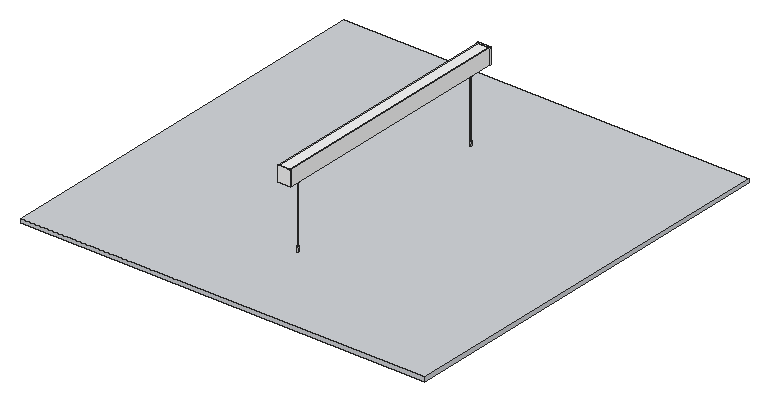
Revit family "Zumtobel SLOTLIGHT INF II MSP", category Lighting Fixtures, host Face, Revit 2018
Family settings
  Host = Face
  Round Connector Dimension = Use Diameter
  Part Type = Normal
  OmniClass Number = 23.80.70.11
  OmniClass Title = Luminaries for Internal Lighting
  Cut with Voids When Loaded = No
  Light Source = Yes
  Shared = No
  Room Calculation Point = No
Parameters (values of type "SLN2 MSP 3500-840 L1500 MC LDE WHM")
  Width = 76 mm  # constant formula
  Wattage = 35.7475 W
  built-in parameter 1150110 = 1 (stored number, unit not read)
  Voltage = 230 V
  URL = "http://www.zumtobel.com/42945700"
  Type Comments = "© Zumtobel. We reserve the right to make technical changes without prior notice."  # constant formula
  built-in parameter 1114217 = 1 (stored number, unit not read)
  Tilt Angle = -90.00°
  built-in parameter 1150109 = 1 (stored number, unit not read)
  built-in parameter 1150134 = 12
  Suspension Value [instance] = if(Suspension Height = 0 mm, 203 mm, if(Suspension Height < 0 mm, 203 mm, Suspension Height))  # 500 mm
  Suspension Height [instance] = 500 mm
  built-in parameter 1150113 = 1 (stored number, unit not read)
  SLN2-B = not(Minicell)  # no
  Photometric Web File = "42945700_(STD_LEO).IES"
  Opaque Cover [instance] = no
  Model = "42945700+42946255"
  Minicell = yes
  Manufacturer = "Zumtobel Lighting"  # constant formula
  built-in parameter 1150105 = 422.56 (stored number, unit not read)
  Lumens = 5310 lm
  built-in parameter 1150115 = 1 (stored number, unit not read)
  built-in parameter 1150137 = (empty or 0)
  built-in parameter 1150139 = (empty or 0)
  Length = 1500 mm
  built-in parameter 1150112 = 1 (stored number, unit not read)
  built-in parameter 1150114 = 1 (stored number, unit not read)
  Lamp = "LED"
  built-in parameter 1150132 = 2
  built-in parameter 1150102 = (empty or 0)
  built-in parameter 1150107 = 4000 (stored number, unit not read)
  built-in parameter 1150138 = (empty or 0)
  built-in parameter 1150106 = 4.2256 (stored number, unit not read)
  Height = 92 mm  # constant formula
  End Cover 2 [instance] = yes
  End Cover 1 [instance] = yes
  Emit from Rectangle Width = Length  # 1500 mm
  Emit from Rectangle Length = 71 mm  # constant formula
  Emit Shape Visible in Rendering = no
  built-in parameter 1150104 = 13.8 (stored number, unit not read)
  Dimming Lamp Color Temperature Shift = <None>
  Description = "SLOTLIGHT Infinity II MSP"  # constant formula
  Default Elevation = 0 mm
  Color Filter = 16777215
  Channel Type = Zumtobel SLOTLIGHT - Body : 42946255
  Body [instance] = Zumtobel_Metal_White
  built-in parameter 1114218 = 1 (stored number, unit not read)
  built-in parameter 1150133 = 10 (stored number, unit not read)
  Assembly Code = "D5020200"
  Apparent Load = 33.4 VA
Types (10, lengths in mm): name | Wattage | URL | SLN2-B | Photometric Web File | Model | Minicell | built-in parameter 1150105 | Lumens | Length | built-in parameter 1150106 | Emit from Rectangle Width | Channel Type | Apparent Load
  SLN2 MSP 3500-840 L1000 MC LDE WHM | 23.8316 W | "http://www.zumtobel.com/42945583" | no | "42945583_(STD_LEO).IES" | "42945583+42946247" | yes | 281.7 (stored number, unit not read) | 3540 lm | 1000 | 2.817 (stored number, unit not read) | 1000 | Zumtobel SLOTLIGHT - Body : 42946247 | 26.9 VA
  SLN2 MSP 3500-840 L1250 MC LDE WHM | 29.7559 W | "http://www.zumtobel.com/42945727" | no | "42945727_(STD_LEO).IES" | "42945727+42946251" | yes | 351.73 (stored number, unit not read) | 4420 lm | 1250 | 3.5173 (stored number, unit not read) | 1250 | Zumtobel SLOTLIGHT - Body : 42946251 | 33.4 VA
  SLN2 MSP 1600-840 L1250 PC/PCO/DD LDE | 13.8681 W | "http://www.zumtobel.com/42189219" | yes | "42189219_(840PC-4000K-diffuse_LEO).IES" | "42189219+42946251" | no | 163.93 (stored number, unit not read) | 2060 lm | 1250 | 1.6393 (stored number, unit not read) | 1250 | Zumtobel SLOTLIGHT - Body : 42946251 | 16.2 VA
  SLN2 MSP 1600-840 L1500 PC/PCO/DD LDE | 16.6283 W | "http://www.zumtobel.com/42189220" | yes | "42189220_(840PC-4000K-diffuse_LEO).IES" | "42189220+42946255" | no | 196.56 (stored number, unit not read) | 2470 lm | 1500 | 1.9656 (stored number, unit not read) | 1500 | Zumtobel SLOTLIGHT - Body : 42946255 | 19.2 VA
  SLN2 MSP 1600-840 L1750 PC/PCO/DD LDE | 19.3885 W | "http://www.zumtobel.com/42189221" | yes | "42189221_(840PC-4000K-diffuse_LEO).IES" | "42189221+42946259" | no | 229.18 (stored number, unit not read) | 2880 lm | 1750 | 2.2918 (stored number, unit not read) | 1750 | Zumtobel SLOTLIGHT - Body : 42946259 | 22.2 VA
  SLN2 MSP 1600-840 L2000 PC/PCO/DD LDE | 22.1486 W | "http://www.zumtobel.com/42189222" | yes | "42189222_(840PC-4000K-diffuse_LEO).IES" | "42189222+42946263" | no | 261.81 (stored number, unit not read) | 3290 lm | 2000 | 2.6181 (stored number, unit not read) | 2000 | Zumtobel SLOTLIGHT - Body : 42946263 | 25.2 VA
  SLN2 MSP 3500-840 L1500 MC LDE WHM | 35.7475 W | "http://www.zumtobel.com/42945700" | no | "42945700_(STD_LEO).IES" | "42945700+42946255" | yes | 422.56 (stored number, unit not read) | 5310 lm | 1500 | 4.2256 (stored number, unit not read) | 1500 | Zumtobel SLOTLIGHT - Body : 42946255 | 33.4 VA
  SLN2 MSP 3500-840 L1750 MC LDE WHM | 41.6717 W | "http://www.zumtobel.com/42945723" | no | "42945723_(STD_LEO).IES" | "42945723+42946259" | yes | 492.58 (stored number, unit not read) | 6190 lm | 1750 | 4.9258 (stored number, unit not read) | 1750 | Zumtobel SLOTLIGHT - Body : 42946259 | 47 VA
  SLN2 MSP 3500-840 L2000 MC LDE WHM | 47.6633 W | "http://www.zumtobel.com/42945746" | no | "42945746_(STD_LEO).IES" | "42945746+42946263" | yes | 563.41 (stored number, unit not read) | 7080 lm | 2000 | 5.6341 (stored number, unit not read) | 2000 | Zumtobel SLOTLIGHT - Body : 42946263 | 54.3 VA
  SLN2 MSP 1600-840 L1000 PC/PCO/DD LDE | 11.108 W | "http://www.zumtobel.com/42189218" | yes | "42189218_(840PC-4000K-diffuse_LEO).IES" | "42189218+42946247" | no | 131.3 (stored number, unit not read) | 1650 lm | 1000 | 1.313 (stored number, unit not read) | 1000 | Zumtobel SLOTLIGHT - Body : 42946247 | 13.5 VA
Reference planes
  plane 1 "Center (Front/Back)": y = 0
  plane 2 "Top": z = 0
  plane 3 "Center (Left/Right)": x = -0.5
  plane 4: y = 750
  plane 5: y = -750
  plane 6: z = 500
  plane 7: y = 650
Forms (mm)
  Extrusion 1, solid
    sketch origin (0, 0, 0) x (1, 0, 0) y (0, 1, 0)
      loop
        line (-1219.2, 1219.2) -> (-1219.2, -1219.2) -> (1219.2, -1219.2) -> (1219.2, 1219.2) -> (-1219.2, 1219.2)
    from 0 to -25
Dimensions and locks
  equal spacing: plane 4, plane 1 "Center (Front/Back)", plane 5
  "Length": plane 4 to plane 5
  "Suspension Value": plane 6 to plane 2 "Top"
  locked: plane 4 to plane 7 at 100
  locked: connector elem to plane 7
  aligned and locked: plane 2 "Top" to Extrusion 1
  aligned and locked: level to Extrusion 1
  aligned and locked: plane 3 "Center (Left/Right)" to nested 1
  aligned and locked: nested 1 to plane 1 "Center (Front/Back)"
  aligned: imposter light to nested 1
  aligned and locked: plane 3 "Center (Left/Right)" to imposter light
  aligned and locked: imposter light to plane 6
  aligned and locked: plane 2 "Top" to nested 1
Automatic sketch dimensions
  Extrusion 1 sketch curve to Extrusion 1 sketch curve = 2438.4 mm  (x2)
Nested families
  nested 1: "Zumtobel SLOTLIGHT - Body" at (199.5, 197.576, 120), Suspension Height <- "Suspension Height", Cover 1 <- "End Cover 1", Cover 2 <- "End Cover 2", Opaque Cover <- "Opaque Cover", Body <- "Body", type <- "Channel Type", type "42946255"
    with Suspension Value 500 mm, Suspension Length 407 mm, Suspension Height 500 mm, Suspension yes, Opaque Cover no, Frame no, Cover 2 yes, Cover 1 yes, Cover Zumtobel_Plastics_Cover_Opaque, Color Light Emitting Surface Zumtobel_PMMA_White, Body Zumtobel_Metal_White
Connectors
  electrical at (-0.5, 650, 0), driven by "Apparent Load", driven by "Voltage", driven by "Apparent Load"
    settings: index 1, voltage 230 V, apparent load 33.4 VA, apparent load phase1 33.4 VA, apparent load phase2 0 VA, apparent load phase3 0 VA, power factor 1, load classification "Lighting", number of poles 1, system type 30, power factor state 1, is connector primary yes, connector utility no, sub classification motor no, connector description "Power"
Definition of nested family "Zumtobel SLOTLIGHT - Body"
  Parameters (values of type "42946263")
    Width = 76 mm
    Wattage = 21.8671 W
    built-in parameter 1150110 = 1 (stored number, unit not read)
    Voltage = 0
    URL = ""
    built-in parameter 1114217 = 1 (stored number, unit not read)
    Tilt Angle = -90.00°
    built-in parameter 1150109 = 1 (stored number, unit not read)
    built-in parameter 1150134 = 12
    Suspension Value [instance] = if(Suspension Height < 200 mm, 200 mm, Suspension Height)  # 250 mm
    Suspension Length [instance] = Suspension Value - 93 mm  # 157 mm
    Suspension Height [instance] = 250 mm
    Suspension [instance] = yes
    built-in parameter 1150113 = 1 (stored number, unit not read)
    Photometric Web File = "42946259_(indirect30%DI_LEO).IES"
    Opaque Cover [instance] = yes
    Model = ""
    Minicell = no
    Manufacturer = "Zumtobel Lighting"
    MSC = yes
    built-in parameter 1150105 = 1139.9 (stored number, unit not read)
    Lumens = 3270 lm
    built-in parameter 1150115 = 1 (stored number, unit not read)
    built-in parameter 1150137 = (empty or 0)
    built-in parameter 1150139 = (empty or 0)
    Length = 1500 mm
    built-in parameter 1150112 = 1 (stored number, unit not read)
    built-in parameter 1150114 = 1 (stored number, unit not read)
    Lamp = ""
    built-in parameter 1150132 = 2
    built-in parameter 1150102 = (empty or 0)
    built-in parameter 1150107 = 4000 (stored number, unit not read)
    built-in parameter 1150138 = (empty or 0)
    built-in parameter 1150106 = 11.399 (stored number, unit not read)
    Frame [instance] = yes
    Emit from Rectangle Width = Length  # 1500 mm
    Emit from Rectangle Length = Width  # 76 mm
    Emit Shape Visible in Rendering = no
    built-in parameter 1150104 = 13.893 (stored number, unit not read)
    Dimming Lamp Color Temperature Shift = (empty or 0)
    Description = ""
    Cover 2 [instance] = yes
    Cover 1 [instance] = yes
    Cover [instance] = none
    Color Light Emitting Surface [instance] = none
    Color Filter = 16777215
    Body [instance] = none
    built-in parameter 1114218 = 1 (stored number, unit not read)
    built-in parameter 1150133 = 10 (stored number, unit not read)
    Assembly Code = "D5020200"
    Apparent Load = 0 VA
  Types (5, lengths in mm): name | Wattage | Photometric Web File | Minicell | MSC | built-in parameter 1150105 | Lumens | built-in parameter 1150106
    42946263 | 21.8671 W | "42946259_(indirect30%DI_LEO).IES" | no | yes | 1139.9 (stored number, unit not read) | 3270 lm | 11.399 (stored number, unit not read)
    42946259 | 18.9916 W | "42946259_(indirect30%DI_LEO).IES" | no | yes | 990.02 (stored number, unit not read) | 2840 lm | 9.9002 (stored number, unit not read)
    42946255 | 16.0492 W | "42946255_(indirect30%DI_LEO).IES" | no | yes | 836.64 (stored number, unit not read) | 2400 lm | 8.3664 (stored number, unit not read)
    42946251 | 13.1069 W | "42946251_(indirect30%DI_LEO).IES" | no | yes | 683.26 (stored number, unit not read) | 1960 lm | 6.8326 (stored number, unit not read)
    42946247 | 10.2314 W | "42946247_(indirect30%DI_LEO).IES" | yes | no | 533.36 (stored number, unit not read) | 1530 lm | 5.3336 (stored number, unit not read)
  Reference planes
    plane 1 "Bottom Body": z = 380
    plane 2 "Center (Left/Right)": x = -200
    plane 3 "Center (Front/Back)": y = -197.576
    plane 4 "Light Source Axis 1": y = -382.129
    plane 5 "Back": y = 552.424
    plane 6 "Front": y = -947.576
    plane 7: x = -162
    plane 8: x = -238
    plane 9 "Top": z = 130
    plane 10 "Bottom": z = -120
    plane 11 "Suspension 2": y = 452.424
    plane 12 "Suspension 1": y = -847.576
    plane 13: z = 357
    plane 14: z = 37
    plane 15: z = 37
    plane 16: z = 26
    plane 17: z = 3
    plane 18 "Cut": z = 127.5
    plane 19: y = -1142.576
    plane 20: y = -1202.576
    plane 21: y = -1152.576
    plane 22: y = -1192.576
    plane 23: y = -1127.576
    plane 24: y = -1087.576
    plane 25: y = -1077.576
    plane 26: y = -1137.576
    plane 27: y = -1062.576
    plane 28: y = -1022.576
    plane 29: y = -1012.576
    plane 30: y = -1072.576
    plane 31: y = -997.576
    plane 32: y = -957.576
    plane 33: y = -947.576
    plane 34: y = -1007.576
    plane 35: y = -932.576
    plane 36: y = -892.576
    plane 37: y = -882.576
    plane 38: y = -942.576
    plane 39: y = -867.576
    plane 40: y = -827.576
    plane 41: y = -817.576
    plane 42: y = -877.576
    plane 43: y = -802.576
    plane 44: y = -762.576
    plane 45: y = -752.576
    plane 46: y = -812.576
    plane 47: y = -737.576
    plane 48: y = -697.576
    plane 49: y = -687.576
    plane 50: y = -747.576
    plane 51: y = -672.576
    plane 52: y = -632.576
    plane 53: y = -622.576
    plane 54: y = -682.576
    plane 55: y = -607.576
    plane 56: y = -567.576
    plane 57: y = -557.576
    plane 58: y = -617.576
    plane 59: y = -542.576
    plane 60: y = -502.576
    plane 61: y = -492.576
    plane 62: y = -552.576
    plane 63: y = -477.576
    plane 64: y = -437.576
    plane 65: y = -427.576
    plane 66: y = -487.576
    plane 67: y = -412.576
    plane 68: y = -372.576
    plane 69: y = -362.576
    plane 70: y = -422.576
    plane 71: y = -347.576
    plane 72: y = -307.576
    plane 73: y = -297.576
    plane 74: y = -357.576
    plane 75: y = -282.576
    plane 76: y = -242.576
    plane 77: y = -232.576
    plane 78: y = -292.576
    plane 79: y = -217.576
    plane 80: y = -177.576
    plane 81: y = -167.576
    plane 82: y = -227.576
    plane 83: y = -152.576
    plane 84: y = -112.576
    plane 85: y = -102.576
    plane 86: y = -162.576
    plane 87: y = -87.576
    plane 88: y = -47.576
    plane 89: y = -37.576
    plane 90: y = -97.576
    plane 91: y = -22.576
    plane 92: y = 17.424
    plane 93: y = 27.424
    plane 94: y = -32.576
    plane 95: y = 42.424
    plane 96: y = 82.424
    plane 97: y = 92.424
    plane 98: y = 32.424
    plane 99: y = 107.424
    plane 100: y = 147.424
    plane 101: y = 157.424
    plane 102: y = 97.424
    plane 103: y = 172.424
    plane 104: y = 212.424
    plane 105: y = 222.424
    plane 106: y = 162.424
    plane 107: y = 237.424
    plane 108: y = 277.424
    plane 109: y = 287.424
    plane 110: y = 227.424
    plane 111: y = 302.424
    plane 112: y = 342.424
    plane 113: y = 352.424
    plane 114: y = 292.424
    plane 115: y = 367.424
    plane 116: y = 407.424
    plane 117: y = 417.424
    plane 118: y = 357.424
    plane 119: y = 432.424
    plane 120: y = 472.424
    plane 121: y = 482.424
    plane 122: y = 422.424
    plane 123: y = 497.424
    plane 124: y = 537.424
    plane 125: y = 547.424
    plane 126: y = 487.424
    plane 127: y = 562.424
    plane 128: y = 602.424
    plane 129: y = 612.424
    plane 130: y = 627.424
    plane 131: y = 667.424
    plane 132: y = 677.424
    plane 133: y = 692.424
    plane 134: y = 732.424
    plane 135: y = 742.424
    plane 136: y = 757.424
    plane 137: y = 797.424
    plane 138: y = 807.424
    plane 139 "2": y = 462.424
    plane 140 "3": y = 442.424
    plane 141 "4": y = -857.576
    plane 142 "5": y = -837.576
    plane 143: z = -95
    plane 144 "6": y = -950.576
    plane 145 "7": y = 555.424
  Forms (mm)
    Extrusion 1, solid, visible <- "Suspension", detail levels medium+fine
      sketch origin (0, 0, -120) x (1, 0, 0) y (0, 1, 0)
        loop
          circle (-200, 452.424) r 1.5
        loop
          circle (-200, -847.576) r 1.5
      from 25 to 123
    Extrusion 2, solid, visible <- "Suspension", detail levels medium+fine
      sketch origin (0, 0, -40) x (1, 0, 0) y (0, 1, 0)
        loop
          circle (-200, 452.424) r 5
        loop
          circle (-200, -847.576) r 5
      from 43 to 66
    Sweep 3, solid, material <- "Body", visible <- "MSC", detail levels medium+fine
      path origin (0, 0, 130) x (-1, 0, 0) y (0, -1, 0)
        loop
          line (200, 947.576) -> (200, -552.424)
      profile "Zumtobel SLOTLIGHT INF Profile : Zumtobel SLOTLIGHT INF Profile" origin (-200, -197.576, 130) x (-1, 0, 0) y (0, 0, 1)
        loop
          line (-38, -93) -> (-35.5, -93) -> (-35.5, -88) -> (35.5, -88) -> (35.5, -93) -> (38, -93) -> (38, 0) -> (35.5, 0) -> (35.5, -5) -> (33, -5) -> (33, -2.5) -> (-33, -2.5) -> (-33, -5) -> (-35.5, -5) -> (-35.5, 0) -> (-38, 0) -> (-38, -93)
    Sweep 4, solid, detail levels medium+fine
      path origin (0, 0, 130) x (-1, 0, 0) y (0, -1, 0)
        loop
          line (200, -442.424) -> (200, -462.424)
      profile "Zumtobel SLOTLIGHT INF Clip Profile : Zumtobel SLOTLIGHT INF Clip Profile" origin (-200, 452.424, 130) x (-1, 0, 0) y (0, 0, 1)
        loop
          line (-20.008, -88) -> (-20.008, -93) -> (-13.657, -104) -> (13.657, -104) -> (20.008, -93) -> (20.008, -88) -> (-20.008, -88)
    Sweep 5, solid, detail levels medium+fine
      path origin (0, -395.153, 130) x (-1, 0, 0) y (0, 1, 0)
        loop
          line (200, -442.424) -> (200, -462.424)
      profile "Zumtobel SLOTLIGHT INF Clip Profile : Zumtobel SLOTLIGHT INF Clip Profile" origin (-200, -847.576, 130) x (1, 0, 0) y (0, 0, 1)
        loop
          line (20.008, -88) -> (-20.008, -88) -> (-20.008, -93) -> (-13.657, -104) -> (13.657, -104) -> (20.008, -93) -> (20.008, -88)
    Sweep 6, solid, material <- "Body", visible <- "Cover 2", detail levels medium+fine
      path origin (0, 0, 130) x (-1, 0, 0) y (0, -1, 0)
        loop
          line (200, -552.424) -> (200, -555.424)
      profile "Zumtobel SLOTLIGHT INF Cover : Zumtobel SLOTLIGHT INF Cover" origin (-200, 553.924, 130) x (-1, 0, 0) y (0, 0, 1)
        loop
          line (-38, -93) -> (38, -93) -> (38, 0) -> (-38, 0) -> (-38, -93)
    Sweep 7, solid, material <- "Body", visible <- "Cover 1", detail levels medium+fine
      path origin (0, -395.153, 130) x (-1, 0, 0) y (0, 1, 0)
        loop
          line (200, -552.424) -> (200, -555.424)
      profile "Zumtobel SLOTLIGHT INF Cover : Zumtobel SLOTLIGHT INF Cover" origin (-200, -949.076, 130) x (1, 0, 0) y (0, 0, 1)
        loop
          line (38, -93) -> (38, 0) -> (-38, 0) -> (-38, -93) -> (38, -93)
    Sweep 8, solid, material <- "Body", visible <- "Minicell", detail levels medium+fine
      path origin (0, 0, 130) x (-1, 0, 0) y (0, -1, 0)
        loop
          line (200, 947.576) -> (200, -552.424)
      profile "Zumtobel SLOTLIGHT INF Profile : Zumtobel SLOTLIGHT INF Profile" origin (-200, -197.576, 130) x (-1, 0, 0) y (0, 0, 1)
        loop
          line (-38, -93) -> (-35.5, -93) -> (-35.5, -88) -> (35.5, -88) -> (35.5, -93) -> (38, -93) -> (38, 0) -> (35.5, 0) -> (35.5, -5) -> (33, -5) -> (33, -2.5) -> (-33, -2.5) -> (-33, -5) -> (-35.5, -5) -> (-35.5, 0) -> (-38, 0) -> (-38, -93)
    Blend 9, void
      base sketch origin (-1000, 0, 127.5) x (-1, 0, 0) y (0, -1, 0)
        loop
          line (-770.305, 1202.576) -> (-830.305, 1202.576) -> (-830.305, 1142.576) -> (-770.305, 1142.576) -> (-770.305, 1202.576)
      top sketch origin (-1000, 0, 127.5) x (-1, 0, 0) y (0, -1, 0)
        loop
          line (-780.305, 1192.576) -> (-820.305, 1192.576) -> (-820.305, 1152.576) -> (-780.305, 1152.576) -> (-780.305, 1192.576)
      from 0 to -30
    Blend 10, void
      base sketch origin (-1000, 0, 127.5) x (-1, 0, 0) y (0, -1, 0)
        loop
          line (-770.305, 1137.576) -> (-830.305, 1137.576) -> (-830.305, 1077.576) -> (-770.305, 1077.576) -> (-770.305, 1137.576)
      top sketch origin (-1000, 0, 127.5) x (-1, 0, 0) y (0, -1, 0)
        loop
          line (-780.305, 1127.576) -> (-820.305, 1127.576) -> (-820.305, 1087.576) -> (-780.305, 1087.576) -> (-780.305, 1127.576)
      from 0 to -30
    Blend 11, void
      base sketch origin (-1000, 65, 127.5) x (-1, 0, 0) y (0, -1, 0)
        loop
          line (-770.305, 1137.576) -> (-830.305, 1137.576) -> (-830.305, 1077.576) -> (-770.305, 1077.576) -> (-770.305, 1137.576)
      top sketch origin (-1000, 65, 127.5) x (-1, 0, 0) y (0, -1, 0)
        loop
          line (-780.305, 1127.576) -> (-820.305, 1127.576) -> (-820.305, 1087.576) -> (-780.305, 1087.576) -> (-780.305, 1127.576)
      from 0 to -30
    Blend 12, void
      base sketch origin (-1000, 130, 127.5) x (-1, 0, 0) y (0, -1, 0)
        loop
          line (-770.305, 1137.576) -> (-830.305, 1137.576) -> (-830.305, 1077.576) -> (-770.305, 1077.576) -> (-770.305, 1137.576)
      top sketch origin (-1000, 130, 127.5) x (-1, 0, 0) y (0, -1, 0)
        loop
          line (-780.305, 1127.576) -> (-820.305, 1127.576) -> (-820.305, 1087.576) -> (-780.305, 1087.576) -> (-780.305, 1127.576)
      from 0 to -30
    Blend 13, void
      base sketch origin (-1000, 195, 127.5) x (-1, 0, 0) y (0, -1, 0)
        loop
          line (-770.305, 1137.576) -> (-830.305, 1137.576) -> (-830.305, 1077.576) -> (-770.305, 1077.576) -> (-770.305, 1137.576)
      top sketch origin (-1000, 195, 127.5) x (-1, 0, 0) y (0, -1, 0)
        loop
          line (-780.305, 1127.576) -> (-820.305, 1127.576) -> (-820.305, 1087.576) -> (-780.305, 1087.576) -> (-780.305, 1127.576)
      from 0 to -30
    Blend 14, void
      base sketch origin (-1000, 260, 127.5) x (-1, 0, 0) y (0, -1, 0)
        loop
          line (-770.305, 1137.576) -> (-830.305, 1137.576) -> (-830.305, 1077.576) -> (-770.305, 1077.576) -> (-770.305, 1137.576)
      top sketch origin (-1000, 260, 127.5) x (-1, 0, 0) y (0, -1, 0)
        loop
          line (-780.305, 1127.576) -> (-820.305, 1127.576) -> (-820.305, 1087.576) -> (-780.305, 1087.576) -> (-780.305, 1127.576)
      from 0 to -30
    Blend 15, void
      base sketch origin (-1000, 325, 127.5) x (-1, 0, 0) y (0, -1, 0)
        loop
          line (-770.305, 1137.576) -> (-830.305, 1137.576) -> (-830.305, 1077.576) -> (-770.305, 1077.576) -> (-770.305, 1137.576)
      top sketch origin (-1000, 325, 127.5) x (-1, 0, 0) y (0, -1, 0)
        loop
          line (-780.305, 1127.576) -> (-820.305, 1127.576) -> (-820.305, 1087.576) -> (-780.305, 1087.576) -> (-780.305, 1127.576)
      from 0 to -30
    Blend 16, void
      base sketch origin (-1000, 390, 127.5) x (-1, 0, 0) y (0, -1, 0)
        loop
          line (-770.305, 1137.576) -> (-830.305, 1137.576) -> (-830.305, 1077.576) -> (-770.305, 1077.576) -> (-770.305, 1137.576)
      top sketch origin (-1000, 390, 127.5) x (-1, 0, 0) y (0, -1, 0)
        loop
          line (-780.305, 1127.576) -> (-820.305, 1127.576) -> (-820.305, 1087.576) -> (-780.305, 1087.576) -> (-780.305, 1127.576)
      from 0 to -30
    Blend 17, void
      base sketch origin (-1000, 455, 127.5) x (-1, 0, 0) y (0, -1, 0)
        loop
          line (-770.305, 1137.576) -> (-830.305, 1137.576) -> (-830.305, 1077.576) -> (-770.305, 1077.576) -> (-770.305, 1137.576)
      top sketch origin (-1000, 455, 127.5) x (-1, 0, 0) y (0, -1, 0)
        loop
          line (-780.305, 1127.576) -> (-820.305, 1127.576) -> (-820.305, 1087.576) -> (-780.305, 1087.576) -> (-780.305, 1127.576)
      from 0 to -30
    Blend 18, void
      base sketch origin (-1000, 520, 127.5) x (-1, 0, 0) y (0, -1, 0)
        loop
          line (-770.305, 1137.576) -> (-830.305, 1137.576) -> (-830.305, 1077.576) -> (-770.305, 1077.576) -> (-770.305, 1137.576)
      top sketch origin (-1000, 520, 127.5) x (-1, 0, 0) y (0, -1, 0)
        loop
          line (-780.305, 1127.576) -> (-820.305, 1127.576) -> (-820.305, 1087.576) -> (-780.305, 1087.576) -> (-780.305, 1127.576)
      from 0 to -30
    Blend 19, void
      base sketch origin (-1000, 585, 127.5) x (-1, 0, 0) y (0, -1, 0)
        loop
          line (-770.305, 1137.576) -> (-830.305, 1137.576) -> (-830.305, 1077.576) -> (-770.305, 1077.576) -> (-770.305, 1137.576)
      top sketch origin (-1000, 585, 127.5) x (-1, 0, 0) y (0, -1, 0)
        loop
          line (-780.305, 1127.576) -> (-820.305, 1127.576) -> (-820.305, 1087.576) -> (-780.305, 1087.576) -> (-780.305, 1127.576)
      from 0 to -30
    Blend 20, void
      base sketch origin (-1000, 650, 127.5) x (-1, 0, 0) y (0, -1, 0)
        loop
          line (-770.305, 1137.576) -> (-830.305, 1137.576) -> (-830.305, 1077.576) -> (-770.305, 1077.576) -> (-770.305, 1137.576)
      top sketch origin (-1000, 650, 127.5) x (-1, 0, 0) y (0, -1, 0)
        loop
          line (-780.305, 1127.576) -> (-820.305, 1127.576) -> (-820.305, 1087.576) -> (-780.305, 1087.576) -> (-780.305, 1127.576)
      from 0 to -30
    Blend 21, void
      base sketch origin (-1000, 715, 127.5) x (-1, 0, 0) y (0, -1, 0)
        loop
          line (-770.305, 1137.576) -> (-830.305, 1137.576) -> (-830.305, 1077.576) -> (-770.305, 1077.576) -> (-770.305, 1137.576)
      top sketch origin (-1000, 715, 127.5) x (-1, 0, 0) y (0, -1, 0)
        loop
          line (-780.305, 1127.576) -> (-820.305, 1127.576) -> (-820.305, 1087.576) -> (-780.305, 1087.576) -> (-780.305, 1127.576)
      from 0 to -30
    Blend 22, void
      base sketch origin (-1000, 780, 127.5) x (-1, 0, 0) y (0, -1, 0)
        loop
          line (-770.305, 1137.576) -> (-830.305, 1137.576) -> (-830.305, 1077.576) -> (-770.305, 1077.576) -> (-770.305, 1137.576)
      top sketch origin (-1000, 780, 127.5) x (-1, 0, 0) y (0, -1, 0)
        loop
          line (-780.305, 1127.576) -> (-820.305, 1127.576) -> (-820.305, 1087.576) -> (-780.305, 1087.576) -> (-780.305, 1127.576)
      from 0 to -30
    Blend 23, void
      base sketch origin (-1000, 845, 127.5) x (-1, 0, 0) y (0, -1, 0)
        loop
          line (-770.305, 1137.576) -> (-830.305, 1137.576) -> (-830.305, 1077.576) -> (-770.305, 1077.576) -> (-770.305, 1137.576)
      top sketch origin (-1000, 845, 127.5) x (-1, 0, 0) y (0, -1, 0)
        loop
          line (-780.305, 1127.576) -> (-820.305, 1127.576) -> (-820.305, 1087.576) -> (-780.305, 1087.576) -> (-780.305, 1127.576)
      from 0 to -30
    Blend 24, void
      base sketch origin (-1000, 910, 127.5) x (-1, 0, 0) y (0, -1, 0)
        loop
          line (-770.305, 1137.576) -> (-830.305, 1137.576) -> (-830.305, 1077.576) -> (-770.305, 1077.576) -> (-770.305, 1137.576)
      top sketch origin (-1000, 910, 127.5) x (-1, 0, 0) y (0, -1, 0)
        loop
          line (-780.305, 1127.576) -> (-820.305, 1127.576) -> (-820.305, 1087.576) -> (-780.305, 1087.576) -> (-780.305, 1127.576)
      from 0 to -30
    Blend 25, void
      base sketch origin (-1000, 975, 127.5) x (-1, 0, 0) y (0, -1, 0)
        loop
          line (-770.305, 1137.576) -> (-830.305, 1137.576) -> (-830.305, 1077.576) -> (-770.305, 1077.576) -> (-770.305, 1137.576)
      top sketch origin (-1000, 975, 127.5) x (-1, 0, 0) y (0, -1, 0)
        loop
          line (-780.305, 1127.576) -> (-820.305, 1127.576) -> (-820.305, 1087.576) -> (-780.305, 1087.576) -> (-780.305, 1127.576)
      from 0 to -30
    Blend 26, void
      base sketch origin (-1000, 1040, 127.5) x (-1, 0, 0) y (0, -1, 0)
        loop
          line (-770.305, 1137.576) -> (-830.305, 1137.576) -> (-830.305, 1077.576) -> (-770.305, 1077.576) -> (-770.305, 1137.576)
      top sketch origin (-1000, 1040, 127.5) x (-1, 0, 0) y (0, -1, 0)
        loop
          line (-780.305, 1127.576) -> (-820.305, 1127.576) -> (-820.305, 1087.576) -> (-780.305, 1087.576) -> (-780.305, 1127.576)
      from 0 to -30
    Blend 27, void
      base sketch origin (-1000, 1105, 127.5) x (-1, 0, 0) y (0, -1, 0)
        loop
          line (-770.305, 1137.576) -> (-830.305, 1137.576) -> (-830.305, 1077.576) -> (-770.305, 1077.576) -> (-770.305, 1137.576)
      top sketch origin (-1000, 1105, 127.5) x (-1, 0, 0) y (0, -1, 0)
        loop
          line (-780.305, 1127.576) -> (-820.305, 1127.576) -> (-820.305, 1087.576) -> (-780.305, 1087.576) -> (-780.305, 1127.576)
      from 0 to -30
    Blend 28, void
      base sketch origin (-1000, 1170, 127.5) x (-1, 0, 0) y (0, -1, 0)
        loop
          line (-770.305, 1137.576) -> (-830.305, 1137.576) -> (-830.305, 1077.576) -> (-770.305, 1077.576) -> (-770.305, 1137.576)
      top sketch origin (-1000, 1170, 127.5) x (-1, 0, 0) y (0, -1, 0)
        loop
          line (-780.305, 1127.576) -> (-820.305, 1127.576) -> (-820.305, 1087.576) -> (-780.305, 1087.576) -> (-780.305, 1127.576)
      from 0 to -30
    Blend 29, void
      base sketch origin (-1000, 1235, 127.5) x (-1, 0, 0) y (0, -1, 0)
        loop
          line (-770.305, 1137.576) -> (-830.305, 1137.576) -> (-830.305, 1077.576) -> (-770.305, 1077.576) -> (-770.305, 1137.576)
      top sketch origin (-1000, 1235, 127.5) x (-1, 0, 0) y (0, -1, 0)
        loop
          line (-780.305, 1127.576) -> (-820.305, 1127.576) -> (-820.305, 1087.576) -> (-780.305, 1087.576) -> (-780.305, 1127.576)
      from 0 to -30
    Blend 30, void
      base sketch origin (-1000, 1300, 127.5) x (-1, 0, 0) y (0, -1, 0)
        loop
          line (-770.305, 1137.576) -> (-830.305, 1137.576) -> (-830.305, 1077.576) -> (-770.305, 1077.576) -> (-770.305, 1137.576)
      top sketch origin (-1000, 1300, 127.5) x (-1, 0, 0) y (0, -1, 0)
        loop
          line (-780.305, 1127.576) -> (-820.305, 1127.576) -> (-820.305, 1087.576) -> (-780.305, 1087.576) -> (-780.305, 1127.576)
      from 0 to -30
    Blend 31, void
      base sketch origin (-1000, 1365, 127.5) x (-1, 0, 0) y (0, -1, 0)
        loop
          line (-770.305, 1137.576) -> (-830.305, 1137.576) -> (-830.305, 1077.576) -> (-770.305, 1077.576) -> (-770.305, 1137.576)
      top sketch origin (-1000, 1365, 127.5) x (-1, 0, 0) y (0, -1, 0)
        loop
          line (-780.305, 1127.576) -> (-820.305, 1127.576) -> (-820.305, 1087.576) -> (-780.305, 1087.576) -> (-780.305, 1127.576)
      from 0 to -30
    Blend 32, void
      base sketch origin (-1000, 1430, 127.5) x (-1, 0, 0) y (0, -1, 0)
        loop
          line (-770.305, 1137.576) -> (-830.305, 1137.576) -> (-830.305, 1077.576) -> (-770.305, 1077.576) -> (-770.305, 1137.576)
      top sketch origin (-1000, 1430, 127.5) x (-1, 0, 0) y (0, -1, 0)
        loop
          line (-780.305, 1127.576) -> (-820.305, 1127.576) -> (-820.305, 1087.576) -> (-780.305, 1087.576) -> (-780.305, 1127.576)
      from 0 to -30
    Blend 33, void
      base sketch origin (-1000, 1495, 127.5) x (-1, 0, 0) y (0, -1, 0)
        loop
          line (-770.305, 1137.576) -> (-830.305, 1137.576) -> (-830.305, 1077.576) -> (-770.305, 1077.576) -> (-770.305, 1137.576)
      top sketch origin (-1000, 1495, 127.5) x (-1, 0, 0) y (0, -1, 0)
        loop
          line (-780.305, 1127.576) -> (-820.305, 1127.576) -> (-820.305, 1087.576) -> (-780.305, 1087.576) -> (-780.305, 1127.576)
      from 0 to -30
    Blend 34, void
      base sketch origin (-1000, 1560, 127.5) x (-1, 0, 0) y (0, -1, 0)
        loop
          line (-770.305, 1137.576) -> (-830.305, 1137.576) -> (-830.305, 1077.576) -> (-770.305, 1077.576) -> (-770.305, 1137.576)
      top sketch origin (-1000, 1560, 127.5) x (-1, 0, 0) y (0, -1, 0)
        loop
          line (-780.305, 1127.576) -> (-820.305, 1127.576) -> (-820.305, 1087.576) -> (-780.305, 1087.576) -> (-780.305, 1127.576)
      from 0 to -30
    Blend 35, void
      base sketch origin (-1000, 1625, 127.5) x (-1, 0, 0) y (0, -1, 0)
        loop
          line (-770.305, 1137.576) -> (-830.305, 1137.576) -> (-830.305, 1077.576) -> (-770.305, 1077.576) -> (-770.305, 1137.576)
      top sketch origin (-1000, 1625, 127.5) x (-1, 0, 0) y (0, -1, 0)
        loop
          line (-780.305, 1127.576) -> (-820.305, 1127.576) -> (-820.305, 1087.576) -> (-780.305, 1087.576) -> (-780.305, 1127.576)
      from 0 to -30
    Blend 36, void
      base sketch origin (-1000, 1690, 127.5) x (-1, 0, 0) y (0, -1, 0)
        loop
          line (-770.305, 1137.576) -> (-830.305, 1137.576) -> (-830.305, 1077.576) -> (-770.305, 1077.576) -> (-770.305, 1137.576)
      top sketch origin (-1000, 1690, 127.5) x (-1, 0, 0) y (0, -1, 0)
        loop
          line (-780.305, 1127.576) -> (-820.305, 1127.576) -> (-820.305, 1087.576) -> (-780.305, 1087.576) -> (-780.305, 1127.576)
      from 0 to -30
    Blend 37, void
      base sketch origin (-1000, 1755, 127.5) x (-1, 0, 0) y (0, -1, 0)
        loop
          line (-770.305, 1137.576) -> (-830.305, 1137.576) -> (-830.305, 1077.576) -> (-770.305, 1077.576) -> (-770.305, 1137.576)
      top sketch origin (-1000, 1755, 127.5) x (-1, 0, 0) y (0, -1, 0)
        loop
          line (-780.305, 1127.576) -> (-820.305, 1127.576) -> (-820.305, 1087.576) -> (-780.305, 1087.576) -> (-780.305, 1127.576)
      from 0 to -30
    Blend 38, void
      base sketch origin (-1000, 1820, 127.5) x (-1, 0, 0) y (0, -1, 0)
        loop
          line (-770.305, 1137.576) -> (-830.305, 1137.576) -> (-830.305, 1077.576) -> (-770.305, 1077.576) -> (-770.305, 1137.576)
      top sketch origin (-1000, 1820, 127.5) x (-1, 0, 0) y (0, -1, 0)
        loop
          line (-780.305, 1127.576) -> (-820.305, 1127.576) -> (-820.305, 1087.576) -> (-780.305, 1087.576) -> (-780.305, 1127.576)
      from 0 to -30
    Blend 39, void
      base sketch origin (-1000, 1885, 127.5) x (-1, 0, 0) y (0, -1, 0)
        loop
          line (-770.305, 1137.576) -> (-830.305, 1137.576) -> (-830.305, 1077.576) -> (-770.305, 1077.576) -> (-770.305, 1137.576)
      top sketch origin (-1000, 1885, 127.5) x (-1, 0, 0) y (0, -1, 0)
        loop
          line (-780.305, 1127.576) -> (-820.305, 1127.576) -> (-820.305, 1087.576) -> (-780.305, 1087.576) -> (-780.305, 1127.576)
      from 0 to -30
    Sweep 40, solid, material <- "Cover", visible <- "Opaque Cover", detail levels medium+fine
      path origin (-100, 0, 130) x (-1, 0, 0) y (0, -1, 0)
        loop
          line (100, 947.576) -> (100, -552.424)
      profile "Zumtobel SLOTLIGHT INF Profile Opaque Cover : Zumtobel SLOTLIGHT INF Profile Opaque Cover" origin (-200, -197.576, 130) x (-1, 0, 0) y (0, 0, 1)
        loop
          line (-35.5, -2.5) -> (35.5, -2.5) -> (35.5, 0) -> (-35.5, 0) -> (-35.5, -2.5)
    Extrusion 41, solid, visible <- "Suspension", detail levels medium+fine
      sketch origin (0, 0, -145) x (1, 0, 0) y (0, 1, 0)
        loop
          circle (-200, 452.424) r 5
        loop
          circle (-200, -847.576) r 5
      from 25 to 50
  Cuts and joins
    Blend 9, Blend 10, Blend 11, Blend 12, Blend 13, Blend 14, Blend 15, Blend 16, Blend 17, Blend 18, Blend 19, Blend 20, Blend 21, Blend 22, Blend 23, Blend 24, Blend 25, Blend 26, Blend 27, Blend 28, Blend 29, Blend 30, Blend 31, Blend 32, Blend 33, Blend 34, Blend 35, Blend 36, Blend 37, Blend 38, Blend 39 cuts Sweep 8
  Lines and regions (mm)
    model lines, detail levels coarse
      curve 1: line (-200, 552.424, 130) -> (-200, -947.576, 130)
      curve 2: line (-238, 552.424, 130) -> (-162, 552.424, 130)
      curve 3: line (-238, -947.576, 130) -> (-162, -947.576, 130)
  Dimensions and locks
    locked: plane 3 "Center (Front/Back)" to plane 4 "Light Source Axis 1" at 184.553
    equal spacing: plane 5 "Back", plane 3 "Center (Front/Back)", plane 6 "Front"
    "Length": plane 5 "Back" to plane 6 "Front"
    equal spacing: plane 8, plane 2 "Center (Left/Right)", plane 7
    "Width": plane 8 to plane 7
    locked: plane 12 "Suspension 1" to plane 6 "Front" at 100
    locked: plane 5 "Back" to plane 11 "Suspension 2" at 100
    plane 9 "Top" to plane 14 = 93 mm
    "Suspension Length": plane 15 to plane 10 "Bottom"
    "Suspension Value": plane 9 "Top" to plane 10 "Bottom"
    plane 15 to plane 16 to plane 17 = 11 mm locked, 23 mm locked
    locked: plane 9 "Top" to plane 18 "Cut" at 2.5
    plane 139 "2" to plane 11 "Suspension 2" to plane 140 "3" = 10 mm locked, 10 mm locked
    plane 141 "4" to plane 12 "Suspension 1" to plane 142 "5" = 10 mm locked, 10 mm locked
    locked: plane 6 "Front" to plane 144 "6" at 3
    locked: plane 145 "7" to plane 5 "Back" at 3
    aligned and locked: level to plane 10 "Bottom"
    aligned: plane 1 "Bottom Body" to Extrusion 2
    aligned and locked: Sweep 3 sketch curve to plane 2 "Center (Left/Right)"
    aligned and locked: plane 5 "Back" to Sweep 3 sketch curve
    aligned and locked: plane 6 "Front" to Sweep 3 sketch curve
    aligned and locked: plane 17 to Extrusion 1
    aligned and locked: Extrusion 2 to plane 17
    aligned and locked: plane 16 to Extrusion 2
    aligned and locked: plane 21 to Blend 9 sketch curve
    aligned and locked: Blend 9 sketch curve to plane 22
    aligned and locked: Blend 9 sketch curve to plane 19
    aligned and locked: plane 20 to Blend 9 sketch curve
    aligned and locked: plane 24 to Blend 10 sketch curve
    aligned and locked: Blend 10 sketch curve to plane 23
    aligned and locked: Blend 10 sketch curve to plane 25
    aligned and locked: plane 26 to Blend 10 sketch curve
    aligned and locked: plane 28 to Blend 11 sketch curve
    aligned and locked: Blend 11 sketch curve to plane 27
    aligned and locked: Blend 11 sketch curve to plane 29
    aligned and locked: plane 30 to Blend 11 sketch curve
    aligned and locked: plane 32 to Blend 12 sketch curve
    aligned and locked: Blend 12 sketch curve to plane 31
    aligned and locked: Blend 12 sketch curve to plane 33
    aligned and locked: plane 34 to Blend 12 sketch curve
    aligned and locked: plane 36 to Blend 13 sketch curve
    aligned and locked: Blend 13 sketch curve to plane 35
    aligned and locked: Blend 13 sketch curve to plane 37
    aligned and locked: plane 38 to Blend 13 sketch curve
    aligned and locked: plane 40 to Blend 14 sketch curve
    aligned and locked: Blend 14 sketch curve to plane 39
    aligned and locked: Blend 14 sketch curve to plane 41
    aligned and locked: plane 42 to Blend 14 sketch curve
    aligned and locked: plane 44 to Blend 15 sketch curve
    aligned and locked: Blend 15 sketch curve to plane 43
    aligned and locked: Blend 15 sketch curve to plane 45
    aligned and locked: plane 46 to Blend 15 sketch curve
    aligned and locked: plane 48 to Blend 16 sketch curve
    aligned and locked: Blend 16 sketch curve to plane 47
    aligned and locked: Blend 16 sketch curve to plane 49
    aligned and locked: plane 50 to Blend 16 sketch curve
    aligned and locked: plane 52 to Blend 17 sketch curve
    aligned and locked: Blend 17 sketch curve to plane 51
    aligned and locked: Blend 17 sketch curve to plane 53
    aligned and locked: plane 54 to Blend 17 sketch curve
    aligned and locked: plane 56 to Blend 18 sketch curve
    aligned and locked: Blend 18 sketch curve to plane 55
    aligned and locked: Blend 18 sketch curve to plane 57
    aligned and locked: plane 58 to Blend 18 sketch curve
    aligned and locked: plane 60 to Blend 19 sketch curve
    aligned and locked: Blend 19 sketch curve to plane 59
    aligned and locked: Blend 19 sketch curve to plane 61
    aligned and locked: plane 62 to Blend 19 sketch curve
    aligned and locked: plane 64 to Blend 20 sketch curve
    aligned and locked: Blend 20 sketch curve to plane 63
    aligned and locked: Blend 20 sketch curve to plane 65
    aligned and locked: plane 66 to Blend 20 sketch curve
    aligned and locked: plane 68 to Blend 21 sketch curve
    aligned and locked: Blend 21 sketch curve to plane 67
    aligned and locked: Blend 21 sketch curve to plane 69
    aligned and locked: plane 70 to Blend 21 sketch curve
    aligned and locked: plane 72 to Blend 22 sketch curve
    aligned and locked: Blend 22 sketch curve to plane 71
    aligned and locked: Blend 22 sketch curve to plane 73
    aligned and locked: plane 74 to Blend 22 sketch curve
    aligned and locked: plane 76 to Blend 23 sketch curve
    aligned and locked: Blend 23 sketch curve to plane 75
    aligned and locked: Blend 23 sketch curve to plane 77
    aligned and locked: plane 78 to Blend 23 sketch curve
    aligned and locked: plane 80 to Blend 24 sketch curve
    aligned and locked: Blend 24 sketch curve to plane 79
    aligned and locked: Blend 24 sketch curve to plane 81
    aligned and locked: plane 82 to Blend 24 sketch curve
    aligned and locked: plane 84 to Blend 25 sketch curve
    aligned and locked: Blend 25 sketch curve to plane 83
    aligned and locked: Blend 25 sketch curve to plane 85
    aligned and locked: plane 86 to Blend 25 sketch curve
    aligned and locked: plane 88 to Blend 26 sketch curve
    aligned and locked: Blend 26 sketch curve to plane 87
    aligned and locked: Blend 26 sketch curve to plane 89
    aligned and locked: plane 90 to Blend 26 sketch curve
    aligned and locked: plane 92 to Blend 27 sketch curve
    aligned and locked: Blend 27 sketch curve to plane 91
    aligned and locked: Blend 27 sketch curve to plane 93
    aligned and locked: plane 94 to Blend 27 sketch curve
    aligned and locked: plane 96 to Blend 28 sketch curve
    aligned and locked: Blend 28 sketch curve to plane 95
    aligned and locked: Blend 28 sketch curve to plane 97
    aligned and locked: plane 98 to Blend 28 sketch curve
    aligned and locked: plane 100 to Blend 29 sketch curve
    aligned and locked: Blend 29 sketch curve to plane 99
    aligned and locked: Blend 29 sketch curve to plane 101
    aligned and locked: plane 102 to Blend 29 sketch curve
    aligned and locked: plane 104 to Blend 30 sketch curve
    aligned and locked: Blend 30 sketch curve to plane 103
    aligned and locked: Blend 30 sketch curve to plane 105
    aligned and locked: plane 106 to Blend 30 sketch curve
    aligned and locked: plane 108 to Blend 31 sketch curve
    aligned and locked: Blend 31 sketch curve to plane 107
    aligned and locked: Blend 31 sketch curve to plane 109
    aligned and locked: plane 110 to Blend 31 sketch curve
    aligned and locked: plane 112 to Blend 32 sketch curve
    aligned and locked: Blend 32 sketch curve to plane 111
    aligned and locked: Blend 32 sketch curve to plane 113
    aligned and locked: plane 114 to Blend 32 sketch curve
    aligned and locked: plane 116 to Blend 33 sketch curve
    aligned and locked: Blend 33 sketch curve to plane 115
    aligned and locked: Blend 33 sketch curve to plane 117
    aligned and locked: plane 118 to Blend 33 sketch curve
    aligned and locked: plane 120 to Blend 34 sketch curve
    aligned and locked: Blend 34 sketch curve to plane 119
    aligned and locked: Blend 34 sketch curve to plane 121
    aligned and locked: plane 122 to Blend 34 sketch curve
    aligned and locked: plane 124 to Blend 35 sketch curve
    aligned and locked: Blend 35 sketch curve to plane 123
    aligned and locked: Blend 35 sketch curve to plane 125
    aligned and locked: plane 126 to Blend 35 sketch curve
    aligned and locked: plane 128 to Blend 36 sketch curve
    aligned and locked: Blend 36 sketch curve to plane 127
    aligned and locked: Blend 36 sketch curve to plane 129
    aligned and locked: plane 131 to Blend 37 sketch curve
    aligned and locked: Blend 37 sketch curve to plane 130
    aligned and locked: Blend 37 sketch curve to plane 132
    aligned and locked: plane 134 to Blend 38 sketch curve
    aligned and locked: Blend 38 sketch curve to plane 133
    aligned and locked: Blend 38 sketch curve to plane 135
    aligned and locked: plane 137 to Blend 39 sketch curve
    aligned and locked: Blend 39 sketch curve to plane 136
    aligned and locked: Blend 39 sketch curve to plane 138
    aligned and locked: plane 142 "5" to Sweep 5 sketch curve
    aligned and locked: plane 141 "4" to Sweep 5 sketch curve
    aligned and locked: plane 139 "2" to Sweep 4 sketch curve
    aligned and locked: plane 140 "3" to Sweep 4 sketch curve
    aligned and locked: plane 5 "Back" to Sweep 40 sketch curve
    aligned and locked: plane 6 "Front" to Sweep 40 sketch curve
    aligned and locked: Extrusion 1 to plane 143
    aligned and locked: plane 143 to Extrusion 41
    aligned and locked: Extrusion 41 to plane 10 "Bottom"
    aligned and locked: plane 144 "6" to Sweep 7 sketch curve
    aligned and locked: plane 6 "Front" to Sweep 7 sketch curve
    aligned and locked: plane 5 "Back" to Sweep 6 sketch curve
    aligned and locked: plane 145 "7" to Sweep 6 sketch curve
    aligned and locked: imposter light to plane 14
  Automatic sketch dimensions
    Extrusion 1 sketch curve to plane 2 "Center (Left/Right)" = 0 mm  (x2)
    plane 12 "Suspension 1" to Extrusion 1 sketch curve = 0 mm
    Extrusion 1 sketch curve to plane 11 "Suspension 2" = 0 mm
    Extrusion 2 sketch curve to plane 2 "Center (Left/Right)" = 0 mm  (x2)
    plane 12 "Suspension 1" to Extrusion 2 sketch curve = 0 mm
    Extrusion 2 sketch curve to plane 11 "Suspension 2" = 0 mm
    Sweep 4 sketch curve to plane 2 "Center (Left/Right)" = 0 mm
    Sweep 5 sketch curve to plane 2 "Center (Left/Right)" = 0 mm
    Sweep 6 sketch curve to plane 2 "Center (Left/Right)" = 0 mm
    Sweep 7 sketch curve to plane 2 "Center (Left/Right)" = 0 mm
    Sweep 8 sketch curve to plane 2 "Center (Left/Right)" = 0 mm
    Sweep 8 sketch curve to plane 5 "Back" = 0 mm
    Sweep 8 sketch curve to plane 6 "Front" = 0 mm
    Blend 9 sketch curve to plane 7 = 7.695 mm
    Blend 9 sketch curve to plane 8 = 8.305 mm
    Blend 9 sketch curve to plane 7 = 17.695 mm
    Blend 9 sketch curve to plane 8 = 18.305 mm
    Blend 10 sketch curve to plane 7 = 7.695 mm
    Blend 10 sketch curve to plane 8 = 8.305 mm
    Blend 10 sketch curve to plane 7 = 17.695 mm
    Blend 10 sketch curve to plane 8 = 18.305 mm
    Blend 11 sketch curve to plane 7 = 7.695 mm
    Blend 11 sketch curve to plane 8 = 8.305 mm
    Blend 11 sketch curve to plane 7 = 17.695 mm
    Blend 11 sketch curve to plane 8 = 18.305 mm
    Blend 12 sketch curve to plane 7 = 7.695 mm
    Blend 12 sketch curve to plane 8 = 8.305 mm
    Blend 12 sketch curve to plane 7 = 17.695 mm
    Blend 12 sketch curve to plane 8 = 18.305 mm
    Blend 13 sketch curve to plane 7 = 7.695 mm
    Blend 13 sketch curve to plane 8 = 8.305 mm
    Blend 13 sketch curve to plane 7 = 17.695 mm
    Blend 13 sketch curve to plane 8 = 18.305 mm
    Blend 14 sketch curve to plane 7 = 7.695 mm
    Blend 14 sketch curve to plane 8 = 8.305 mm
    Blend 14 sketch curve to plane 7 = 17.695 mm
    Blend 14 sketch curve to plane 8 = 18.305 mm
    Blend 15 sketch curve to plane 7 = 7.695 mm
    Blend 15 sketch curve to plane 8 = 8.305 mm
    Blend 15 sketch curve to plane 7 = 17.695 mm
    Blend 15 sketch curve to plane 8 = 18.305 mm
    Blend 16 sketch curve to plane 7 = 7.695 mm
    Blend 16 sketch curve to plane 8 = 8.305 mm
    Blend 16 sketch curve to plane 7 = 17.695 mm
    Blend 16 sketch curve to plane 8 = 18.305 mm
    Blend 17 sketch curve to plane 7 = 7.695 mm
    Blend 17 sketch curve to plane 8 = 8.305 mm
    Blend 17 sketch curve to plane 7 = 17.695 mm
    Blend 17 sketch curve to plane 8 = 18.305 mm
    Blend 18 sketch curve to plane 7 = 7.695 mm
    Blend 18 sketch curve to plane 8 = 8.305 mm
    Blend 18 sketch curve to plane 7 = 17.695 mm
    Blend 18 sketch curve to plane 8 = 18.305 mm
    Blend 19 sketch curve to plane 7 = 7.695 mm
    Blend 19 sketch curve to plane 8 = 8.305 mm
    Blend 19 sketch curve to plane 7 = 17.695 mm
    Blend 19 sketch curve to plane 8 = 18.305 mm
    Blend 20 sketch curve to plane 7 = 7.695 mm
    Blend 20 sketch curve to plane 8 = 8.305 mm
    Blend 20 sketch curve to plane 7 = 17.695 mm
    Blend 20 sketch curve to plane 8 = 18.305 mm
    Blend 21 sketch curve to plane 7 = 7.695 mm
    Blend 21 sketch curve to plane 8 = 8.305 mm
    Blend 21 sketch curve to plane 7 = 17.695 mm
    Blend 21 sketch curve to plane 8 = 18.305 mm
    Blend 22 sketch curve to plane 7 = 7.695 mm
    Blend 22 sketch curve to plane 8 = 8.305 mm
    Blend 22 sketch curve to plane 7 = 17.695 mm
    Blend 22 sketch curve to plane 8 = 18.305 mm
    Blend 23 sketch curve to plane 7 = 7.695 mm
    Blend 23 sketch curve to plane 8 = 8.305 mm
    Blend 23 sketch curve to plane 7 = 17.695 mm
    Blend 23 sketch curve to plane 8 = 18.305 mm
    Blend 24 sketch curve to plane 7 = 7.695 mm
    Blend 24 sketch curve to plane 8 = 8.305 mm
    Blend 24 sketch curve to plane 7 = 17.695 mm
    Blend 24 sketch curve to plane 8 = 18.305 mm
    Blend 25 sketch curve to plane 7 = 7.695 mm
    Blend 25 sketch curve to plane 8 = 8.305 mm
    Blend 25 sketch curve to plane 7 = 17.695 mm
    Blend 25 sketch curve to plane 8 = 18.305 mm
    Blend 26 sketch curve to plane 7 = 7.695 mm
    Blend 26 sketch curve to plane 8 = 8.305 mm
    Blend 26 sketch curve to plane 7 = 17.695 mm
    Blend 26 sketch curve to plane 8 = 18.305 mm
    Blend 27 sketch curve to plane 7 = 7.695 mm
    Blend 27 sketch curve to plane 8 = 8.305 mm
    Blend 27 sketch curve to plane 7 = 17.695 mm
    Blend 27 sketch curve to plane 8 = 18.305 mm
    Blend 28 sketch curve to plane 7 = 7.695 mm
    Blend 28 sketch curve to plane 8 = 8.305 mm
    Blend 28 sketch curve to plane 7 = 17.695 mm
    Blend 28 sketch curve to plane 8 = 18.305 mm
    Blend 29 sketch curve to plane 7 = 7.695 mm
    Blend 29 sketch curve to plane 8 = 8.305 mm
    Blend 29 sketch curve to plane 7 = 17.695 mm
    Blend 29 sketch curve to plane 8 = 18.305 mm
    Blend 30 sketch curve to plane 7 = 7.695 mm
    Blend 30 sketch curve to plane 8 = 8.305 mm
    Blend 30 sketch curve to plane 7 = 17.695 mm
    Blend 30 sketch curve to plane 8 = 18.305 mm
    Blend 31 sketch curve to plane 7 = 7.695 mm
    Blend 31 sketch curve to plane 8 = 8.305 mm
    Blend 31 sketch curve to plane 7 = 17.695 mm
    Blend 31 sketch curve to plane 8 = 18.305 mm
    Blend 32 sketch curve to plane 7 = 7.695 mm
    Blend 32 sketch curve to plane 8 = 8.305 mm
    Blend 32 sketch curve to plane 7 = 17.695 mm
    Blend 32 sketch curve to plane 8 = 18.305 mm
    Blend 33 sketch curve to plane 7 = 7.695 mm
    Blend 33 sketch curve to plane 8 = 8.305 mm
    Blend 33 sketch curve to plane 7 = 17.695 mm
    Blend 33 sketch curve to plane 8 = 18.305 mm
    Blend 34 sketch curve to plane 7 = 7.695 mm
    Blend 34 sketch curve to plane 8 = 8.305 mm
    Blend 34 sketch curve to plane 7 = 17.695 mm
    Blend 34 sketch curve to plane 8 = 18.305 mm
    Blend 35 sketch curve to plane 7 = 7.695 mm
    Blend 35 sketch curve to plane 8 = 8.305 mm
    Blend 35 sketch curve to plane 7 = 17.695 mm
    Blend 35 sketch curve to plane 8 = 18.305 mm
    Blend 36 sketch curve to plane 7 = 7.695 mm
    Blend 36 sketch curve to plane 8 = 8.305 mm
    plane 125 to Blend 36 sketch curve = 5 mm
    Blend 36 sketch curve to plane 7 = 17.695 mm
    Blend 36 sketch curve to plane 8 = 18.305 mm
    Blend 37 sketch curve to plane 7 = 7.695 mm
    Blend 37 sketch curve to plane 8 = 8.305 mm
    plane 129 to Blend 37 sketch curve = 5 mm
    Blend 37 sketch curve to plane 7 = 17.695 mm
    Blend 37 sketch curve to plane 8 = 18.305 mm
    Blend 38 sketch curve to plane 7 = 7.695 mm
    Blend 38 sketch curve to plane 8 = 8.305 mm
    plane 132 to Blend 38 sketch curve = 5 mm
    Blend 38 sketch curve to plane 7 = 17.695 mm
    Blend 38 sketch curve to plane 8 = 18.305 mm
    Blend 39 sketch curve to plane 7 = 7.695 mm
    Blend 39 sketch curve to plane 8 = 8.305 mm
    plane 135 to Blend 39 sketch curve = 5 mm
    Blend 39 sketch curve to plane 7 = 17.695 mm
    Blend 39 sketch curve to plane 8 = 18.305 mm
    Sweep 40 sketch curve to plane 2 "Center (Left/Right)" = 0 mm
    Extrusion 41 sketch curve to plane 2 "Center (Left/Right)" = 0 mm  (x2)
    plane 12 "Suspension 1" to Extrusion 41 sketch curve = 0 mm
    Extrusion 41 sketch curve to plane 11 "Suspension 2" = 0 mm
    curve 1 to plane 2 "Center (Left/Right)" = 0 mm
    curve 1 to plane 5 "Back" = 0 mm
    curve 1 to plane 6 "Front" = 0 mm
    curve 2 to plane 7 = 0 mm
    curve 2 to plane 8 = 0 mm
    curve 3 to plane 7 = 0 mm
    curve 3 to plane 8 = 0 mm
    radius of Extrusion 1 sketch curve = 1.5 mm  (x2)
    radius of Extrusion 2 sketch curve = 5 mm  (x2)
    radius of Extrusion 41 sketch curve = 5 mm  (x2)
